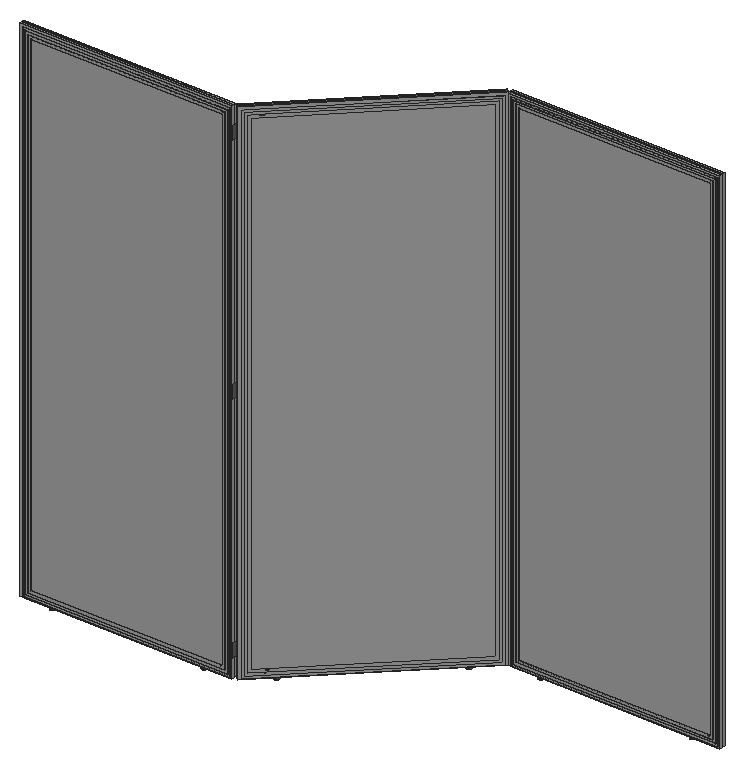
Revit family "Haworth_BuzziFalls_Standing_AP_PRELIMINARY", category Furniture, Revit 2018
Family settings
  OmniClass Number = 23.40.70.14.64.21
  OmniClass Title = Systems Furniture
  Work Plane-Based = No
  Always vertical = Yes
  Cut with Voids When Loaded = No
  Shared = No
  Room Calculation Point = No
Parameters (values of type "Trio Screen")
  Warranty = "http://www.haworth.com/resources/product-info/warranties"
  URL - Product = "https://www.haworth.com/ap/en/products/office-partitions/buzzifalls.html"
  URL = "https://www.haworth.com/ap/en.html"
  Trio Screen = yes
  Size = "Verify Final Dim. w/ Haworth"  # constant formula
  Single = no
  Screen Finish [instance] = Haworth _ Fabric _ Undecided _ Screen
  Revision Number = "1"  # constant formula
  Patterns = " Plain, Alhambra, Birch, Dots, Grid, Leaves, Orient, Palms, Parrots, Pebbles, Rain, Royal, Tropics"  # constant formula
  Model = "BuzziFalls Standing"  # constant formula
  Manufacturer = "Haworth"  # constant formula
  Glide Finish = Haworth _ Paint _ Black BTR-9005
  Description = "Haworth - BuzziSpace - BuzziFalls - Standing - Screen"  # constant formula
  Author = "Haworth (Abd Rahman)"  # constant formula
  Assembly Code = "E2020200"
  Add On Screen = not(or(Single, Trio Screen))  # no
  Actual Width = if(Add On Screen, 839.986 mm, if(Single, 839.986 mm, 2560.042 mm))  # 2560.042 mm
  Actual Height = 2039.838 mm  # constant formula
  Actual Depth = 21.034 mm  # constant formula
Types (3, lengths in mm): name | Trio Screen | Single | Add On Screen | Actual Width
  Single Screen | no | yes | no | 839.986
  Add on Screen | no | no | yes | 839.986
  Trio Screen | yes | no | no | 2560.042
Reference planes
  plane 1: z = 0
  plane 2 "Back": y = 54.967
  plane 3 "Front": y = 33.933
  plane 4 "Top": z = 2039.838
  plane 5 "Right": x = 2100.596
  plane 6 "Left": x = -459.447
  plane 7: x = 820.574
  plane 8: y = 44.45
  plane 9: z = 8
Dimensions and locks
  "Actual Width": plane 6 "Left" to plane 5 "Right"
  "Actual Depth": plane 3 "Front" to plane 2 "Back"
  equal spacing: plane 6 "Left", plane 7, plane 5 "Right"
  equal spacing: plane 2 "Back", plane 8, plane 3 "Front"
  "Actual Height": plane 4 "Top" to plane 1  (x2)
  aligned and locked: nested 1 to plane 9
  aligned and locked: plane 6 "Left" to nested 1
  aligned and locked: plane 2 "Back" to nested 1
  aligned and locked: plane 3 "Front" to nested 1
Nested families
  nested 1: "Haworth_BuzziFalls_Standing_PART" at (781.121, 88.9, 0) x (-1, 0, 0) z (0, 0, 1), Screen Finish <- "Screen Finish", type "PART"
    with Screen Finish Haworth _ Fabric _ Undecided _ Screen, Single no, Add On Screen yes
  nested 2: "Haworth_BuzziFalls_Standing_PART" at (1235.904, 956.182, 0) x (-0.7071, -0.7071, 0) z (0, 0, 1), visible <- "Trio Screen", Screen Finish <- "Screen Finish", type "PART"
    with Screen Finish Haworth _ Fabric _ Undecided _ Screen, Single no, Add On Screen yes
  nested 3: "Haworth_BuzziFalls_Standing_PART" at (2233.458, 689.288, 0) x (-1, 0, 0) z (0, 0, 1), visible <- "Trio Screen", Screen Finish <- "Screen Finish", type "PART - Plain"
    with Screen Finish Haworth _ Fabric _ Undecided _ Screen
Definition of nested family "Haworth_BuzziFalls_Standing_PART"
  Parameters (values of type "PART")
    Warranty = "http://www.haworth.com/resources/product-info/warranties"
    URL - Product = "https://www.haworth.com/products/architectural-interiors/acoustic-solutions/buzzifalls-standing"
    URL = "http://www.haworth.com/our-brands/haworth-collection"
    Size = "Verify Final Dim. w/ Haworth"  # constant formula
    Single = yes
    Screen Finish [instance] = none
    Revision Number = "1"  # constant formula
    Patterns = " Plain, Alhambra, Birch, Dots, Grid, Leaves, Orient, Palms, Parrots, Pebbles, Rain, Royal, Tropics"  # constant formula
    Model = "HCBZ-FSS"  # constant formula
    Manufacturer = "Haworth"  # constant formula
    Glide Finish = none
    Description = "Haworth BuzziFalls Standing - Single Screen - Plain - PART"
    Author = "Haworth (Abd Rahman)"  # constant formula
    Assembly Code = "E2020200"
    Add On Screen = not(Single)  # no
    Actual Width = 839.986 mm  # constant formula
    Actual Height = 2039.838 mm  # constant formula
    Actual Depth = 21.034 mm  # constant formula
  Reference planes
    plane 1: z = 0
    plane 2 "Back": y = 54.967
    plane 3 "Front": y = 33.933
    plane 4 "Top": z = 2039.838
    plane 5 "Right": x = 1240.567
    plane 6 "Left": x = 400.581
    plane 7: x = 820.574
    plane 8: y = 44.45
    plane 9: y = 46.9
    plane 10: y = 42
    plane 11: z = 2030
    plane 12: x = 441.601
    plane 13: x = 1201.601
    plane 14: z = 8
  Forms (mm)
    Extrusion 1, solid, material <- "Screen Finish"
      sketch origin (0, 0, 0) x (1, 0, 0) y (0, 1, 0)
        loop
          line (400.581, 42) -> (400.581, 33.933) -> (1240.567, 33.933) -> (1240.567, 42) -> (400.581, 42)
      from 8 to 2039.838
    Extrusion 2, solid, material <- "Screen Finish"
      sketch origin (0, 88.9, 0) x (1, 0, 0) y (0, 1, 0)
        loop
          line (400.581, -42) -> (1240.567, -42) -> (1240.567, -33.933) -> (400.581, -33.933) -> (400.581, -42)
      from 8 to 2039.838
    Extrusion 3, solid, material <- "Screen Finish"
      sketch origin (0, 0, 0) x (1, 0, 0) y (0, 1, 0)
        loop
          line (1230.202, 42) -> (1230.202, 46.9) -> (416.724, 46.9) -> (416.724, 42) -> (1230.202, 42)
      from 8 to 2030
    Extrusion 4, void
      sketch origin (0, 33.933, 0) x (-1, 0, 0) y (0, 0, -1)
        loop
          line (-438.724, -39.761) -> (-1198.724, -39.761) -> (-1198.724, -1999.761) -> (-438.724, -1999.761) -> (-438.724, -39.761)
        loop
          line (-428.224, -29.261) -> (-1209.224, -29.261) -> (-1209.224, -2010.261) -> (-428.224, -2010.261) -> (-428.224, -29.261)
        loop
          line (-428.724, -29.761) -> (-1208.724, -29.761) -> (-1208.724, -2009.761) -> (-428.724, -2009.761) -> (-428.724, -29.761)
      from -0.326 to 28.08
    Extrusion 5, void
      sketch origin (0, 33.933, 0) x (-1, 0, 0) y (0, 0, -1)
        loop
          line (-416.577, -17.615) -> (-1220.87, -17.615) -> (-1220.87, -2021.907) -> (-416.577, -2021.907) -> (-416.577, -17.615)
        loop
          line (-416.415, -2022.07) -> (-416.415, -17.452) -> (-1221.033, -17.452) -> (-1221.033, -2022.07) -> (-416.415, -2022.07)
        loop
          line (-1228.724, -9.761) -> (-1228.724, -2029.761) -> (-408.724, -2029.761) -> (-408.724, -9.761) -> (-1228.724, -9.761)
        loop
          line (-1228.224, -10.261) -> (-1228.224, -2029.261) -> (-409.224, -2029.261) -> (-409.224, -10.261) -> (-1228.224, -10.261)
      from -5.017 to 42.869
    Extrusion 6, void
      sketch origin (0, 54.967, 0) x (-1, 0, 0) y (0, 0, 1)
        loop
          line (-438.724, 39.761) -> (-438.724, 1999.761) -> (-1198.724, 1999.761) -> (-1198.724, 39.761) -> (-438.724, 39.761)
        loop
          line (-428.224, 29.261) -> (-428.224, 2010.261) -> (-1209.224, 2010.261) -> (-1209.224, 29.261) -> (-428.224, 29.261)
        loop
          line (-428.724, 29.761) -> (-428.724, 2009.761) -> (-1208.724, 2009.761) -> (-1208.724, 29.761) -> (-428.724, 29.761)
      from -0.326 to 28.08
    Extrusion 7, void
      sketch origin (0, 54.967, 0) x (-1, 0, 0) y (0, 0, 1)
        loop
          line (-416.577, 17.615) -> (-416.577, 2021.907) -> (-1220.87, 2021.907) -> (-1220.87, 17.615) -> (-416.577, 17.615)
        loop
          line (-416.415, 2022.07) -> (-1221.033, 2022.07) -> (-1221.033, 17.452) -> (-416.415, 17.452) -> (-416.415, 2022.07)
        loop
          line (-1228.724, 9.761) -> (-408.724, 9.761) -> (-408.724, 2029.761) -> (-1228.724, 2029.761) -> (-1228.724, 9.761)
        loop
          line (-1228.224, 10.261) -> (-409.224, 10.261) -> (-409.224, 2029.261) -> (-1228.224, 2029.261) -> (-1228.224, 10.261)
      from -5.017 to 42.869
    Revolve 8, solid, material <- "Glide Finish"
      sketch origin (0.02, 44.416, 0) x (-1, 0, 0) y (0, 0, 1)
        loop
          line (-518.724, -0.302) -> (-518.724, 24.198) -> (-521.724, 24.198) -> (-521.724, 5.198) -> (-527.974, 5.198)
          arc (-527.974, 5.198) -> (-528.504, 4.979) -> (-528.724, 4.448) r 0.75
          line (-528.724, 4.448) -> (-528.724, 0.448)
          arc (-528.724, 0.448) -> (-528.504, -0.082) -> (-527.974, -0.302) r 0.75
          line (-527.974, -0.302) -> (-518.724, -0.302)
        axis (-518.724, 24.198) -> (-518.724, -0.302)
      angle from 0 to 360
    Revolve 9, solid, material <- "Glide Finish"
      sketch origin (1637.359, 44.416, 0) x (1, 0, 0) y (0, 0, 1)
        loop
          line (-518.724, -0.302) -> (-518.724, 24.198) -> (-521.724, 24.198) -> (-521.724, 5.198) -> (-527.974, 5.198)
          arc (-527.974, 5.198) -> (-528.504, 4.979) -> (-528.724, 4.448) r 0.75
          line (-528.724, 4.448) -> (-528.724, 0.448)
          arc (-528.724, 0.448) -> (-528.504, -0.082) -> (-527.974, -0.302) r 0.75
          line (-527.974, -0.302) -> (-518.724, -0.302)
        axis (-518.724, 24.198) -> (-518.724, -0.302)
      angle from 0 to 360
    Extrusion 10, solid, material <- "Glide Finish", visible <- "Add On Screen"
      sketch origin (0, 0, 0) x (1, 0, 0) y (0, 1, 0)
        loop
          line (398.501, 36.56) -> (385.773, 49.287) -> (384.359, 47.873) -> (397.068, 35.165)
          arc (397.068, 35.165) -> (399.26, 34.729) -> (400.501, 36.587) r 2.011
          line (400.501, 36.587) -> (400.501, 54.56) -> (398.501, 54.56) -> (398.501, 36.56)
      from 84.792 to 135.5
    Extrusion 11, solid, material <- "Glide Finish", visible <- "Add On Screen"
      sketch origin (0.033, 0, 917.9) x (1, 0, 0) y (0, 1, 0)
        loop
          line (398.501, 36.56) -> (385.773, 49.287) -> (384.359, 47.873) -> (397.068, 35.165)
          arc (397.068, 35.165) -> (399.26, 34.729) -> (400.501, 36.587) r 2.011
          line (400.501, 36.587) -> (400.501, 54.56) -> (398.501, 54.56) -> (398.501, 36.56)
      from 84.792 to 135.5
    Extrusion 12, solid, material <- "Glide Finish", visible <- "Add On Screen"
      sketch origin (0.033, 0, 1836.3) x (1, 0, 0) y (0, 1, 0)
        loop
          line (398.501, 36.56) -> (385.773, 49.287) -> (384.359, 47.873) -> (397.068, 35.165)
          arc (397.068, 35.165) -> (399.26, 34.729) -> (400.501, 36.587) r 2.011
          line (400.501, 36.587) -> (400.501, 54.56) -> (398.501, 54.56) -> (398.501, 36.56)
      from 84.792 to 135.5
  Cuts and joins
    Extrusion 4, Extrusion 5, Extrusion 6, Extrusion 7 cuts Extrusion 1
    Extrusion 6, Extrusion 7 cuts Extrusion 2
  Lines and regions (mm)
    Masking region 1
      outline origin (0, 0, 0) x (1, 0, 0) y (0, 1, 0)
        loop
          line (400.581, 54.967) -> (400.581, 33.933) -> (1240.567, 33.933) -> (1240.567, 54.967) -> (400.581, 54.967)
    symbolic lines, visible <- "Add On Screen"
      curve 1: line (398.534, 36.56, 0) -> (385.806, 49.287, 0)
      curve 2: line (385.806, 49.287, 0) -> (384.392, 47.873, 0)
      curve 3: line (384.392, 47.873, 0) -> (397.101, 35.165, 0)
      curve 4: arc (397.101, 35.165, 0) -> (399.293, 34.729, 0) -> (400.534, 36.587, 0) r 2.011
      curve 5: line (398.534, 54.56, 0) -> (398.534, 36.56, 0)
      curve 6: line (400.534, 54.56, 0) -> (398.534, 54.56, 0)
      curve 7: line (400.534, 36.587, 0) -> (400.534, 54.56, 0)
  Dimensions and locks
    "Actual Width": plane 6 "Left" to plane 5 "Right"
    "Actual Depth": plane 3 "Front" to plane 2 "Back"
    equal spacing: plane 6 "Left", plane 7, plane 5 "Right"
    equal spacing: plane 2 "Back", plane 8, plane 3 "Front"
    "Actual Height": plane 4 "Top" to plane 1  (x2)
    locked: plane 4 "Top" to plane 11 at 9.838
    aligned and locked: plane 4 "Top" to Extrusion 1
    aligned and locked: Extrusion 3 to plane 11
    aligned and locked: plane 14 to cut or joined group of Extrusion 1, Extrusion 4, Extrusion 5, Extrusion 6, Extrusion 7
    aligned and locked: plane 14 to cut or joined group of Extrusion 2, Extrusion 6, Extrusion 7
    aligned and locked: plane 14 to Extrusion 3
    aligned and locked: plane 6 "Left" to Masking region 1
    aligned and locked: plane 2 "Back" to Masking region 1
    aligned and locked: plane 3 "Front" to Masking region 1
    aligned and locked: plane 5 "Right" to Masking region 1
  Automatic sketch dimensions
    plane 3 "Front" to Extrusion 1 sketch curve = 0 mm
    Extrusion 1 sketch curve to plane 6 "Left" = 0 mm
    Extrusion 1 sketch curve to plane 5 "Right" = 0 mm
    plane 10 to Extrusion 1 sketch curve = 0 mm
    Extrusion 2 sketch curve to plane 2 "Back" = 0 mm
    Extrusion 2 sketch curve to plane 6 "Left" = 0 mm
    Extrusion 2 sketch curve to plane 5 "Right" = 0 mm
    Extrusion 2 sketch curve to plane 9 = 0 mm
    plane 10 to Extrusion 3 sketch curve = 0 mm
    Extrusion 3 sketch curve to plane 9 = 0 mm
    Extrusion 3 sketch curve to plane 6 "Left" = 16.142 mm
    Extrusion 3 sketch curve to plane 5 "Right" = 10.365 mm
    plane 13 to Extrusion 4 sketch curve = 7.623 mm
    Extrusion 4 sketch curve to Extrusion 4 sketch curve = 0.5 mm  (x4)
    Extrusion 4 sketch curve to plane 13 = 2.877 mm
    Extrusion 4 sketch curve to plane 12 = 2.877 mm
    Extrusion 4 sketch curve to plane 12 = 12.877 mm
    plane 14 to Extrusion 4 sketch curve = 21.261 mm
    Extrusion 4 sketch curve to Extrusion 4 sketch curve = 10 mm  (x2)
    Extrusion 4 sketch curve to plane 11 = 30.239 mm
    plane 14 to Extrusion 5 sketch curve = 1.761 mm
    plane 5 "Right" to Extrusion 5 sketch curve = 11.843 mm
    Extrusion 5 sketch curve to Extrusion 5 sketch curve = 0.5 mm  (x3)
    Extrusion 5 sketch curve to Extrusion 5 sketch curve = 7.191 mm
    Extrusion 5 sketch curve to Extrusion 5 sketch curve = 0.162 mm  (x4)
    plane 6 "Left" to Extrusion 5 sketch curve = 15.996 mm
    Extrusion 5 sketch curve to plane 11 = 0.739 mm
    plane 6 "Left" to Extrusion 5 sketch curve = 8.642 mm
    Extrusion 5 sketch curve to plane 11 = 0.239 mm
    plane 14 to Extrusion 5 sketch curve = 9.452 mm
    Extrusion 5 sketch curve to plane 11 = 8.093 mm
    Extrusion 6 sketch curve to plane 13 = 7.623 mm
    Extrusion 6 sketch curve to Extrusion 6 sketch curve = 0.5 mm  (x4)
    plane 13 to Extrusion 6 sketch curve = 2.877 mm
    plane 12 to Extrusion 6 sketch curve = 2.877 mm
    plane 12 to Extrusion 6 sketch curve = 12.877 mm
    Extrusion 6 sketch curve to plane 14 = 21.261 mm
    Extrusion 6 sketch curve to Extrusion 6 sketch curve = 10 mm  (x2)
    plane 11 to Extrusion 6 sketch curve = 30.239 mm
    Extrusion 7 sketch curve to plane 14 = 1.761 mm
    Extrusion 7 sketch curve to plane 5 "Right" = 11.843 mm
    Extrusion 7 sketch curve to Extrusion 7 sketch curve = 0.5 mm  (x3)
    Extrusion 7 sketch curve to Extrusion 7 sketch curve = 7.191 mm
    Extrusion 7 sketch curve to Extrusion 7 sketch curve = 0.162 mm  (x4)
    Extrusion 7 sketch curve to plane 6 "Left" = 15.996 mm
    plane 11 to Extrusion 7 sketch curve = 0.739 mm
    Extrusion 7 sketch curve to plane 6 "Left" = 8.642 mm
    plane 11 to Extrusion 7 sketch curve = 0.239 mm
    Extrusion 7 sketch curve to plane 14 = 9.452 mm
    plane 11 to Extrusion 7 sketch curve = 8.093 mm
    Revolve 8 sketch curve to plane 14 = 3.552 mm
    plane 12 to Revolve 8 sketch curve = 87.142 mm
    Revolve 8 sketch curve to Revolve 8 sketch curve = 0.75 mm  (x2)
    Revolve 8 sketch curve to Revolve 8 sketch curve = 6.25 mm
    Revolve 8 sketch curve to Revolve 8 sketch curve = 3 mm
    Revolve 8 sketch curve to level = 0.448 mm
    plane 14 to Revolve 8 sketch curve = 16.198 mm
    Revolve 8 sketch curve to Revolve 8 sketch curve = 0 mm  (x3)
    plane 14 to Revolve 9 sketch curve = 3.552 mm
    plane 13 to Revolve 9 sketch curve = 92.967 mm
    Revolve 9 sketch curve to Revolve 9 sketch curve = 0.75 mm  (x2)
    Revolve 9 sketch curve to Revolve 9 sketch curve = 6.25 mm
    Revolve 9 sketch curve to Revolve 9 sketch curve = 3 mm
    level to Revolve 9 sketch curve = 0.448 mm
    Revolve 9 sketch curve to plane 14 = 16.198 mm
    Revolve 9 sketch curve to Revolve 9 sketch curve = 0 mm  (x3)
    plane 9 to Extrusion 10 sketch curve = 0.973 mm
    plane 6 "Left" to Extrusion 10 sketch curve = 16.222 mm
    plane 9 to Extrusion 10 sketch curve = 2.387 mm
    Extrusion 10 sketch curve to Extrusion 10 sketch curve = 1.414 mm
    Extrusion 10 sketch curve to plane 3 "Front" = 1.232 mm
    Extrusion 10 sketch curve to Extrusion 10 sketch curve = 1.422 mm
    Extrusion 10 sketch curve to plane 2 "Back" = 0.408 mm
    plane 6 "Left" to Extrusion 10 sketch curve = 2.08 mm
    plane 6 "Left" to Extrusion 10 sketch curve = 0.08 mm
    plane 9 to Extrusion 11 sketch curve = 0.973 mm
    plane 6 "Left" to Extrusion 11 sketch curve = 16.189 mm
    plane 9 to Extrusion 11 sketch curve = 2.387 mm
    Extrusion 11 sketch curve to Extrusion 11 sketch curve = 1.414 mm
    Extrusion 11 sketch curve to plane 3 "Front" = 1.232 mm
    Extrusion 11 sketch curve to Extrusion 11 sketch curve = 1.422 mm
    Extrusion 11 sketch curve to plane 2 "Back" = 0.408 mm
    plane 6 "Left" to Extrusion 11 sketch curve = 2.047 mm
    plane 6 "Left" to Extrusion 11 sketch curve = 0.047 mm
    plane 9 to Extrusion 12 sketch curve = 0.973 mm
    plane 6 "Left" to Extrusion 12 sketch curve = 16.189 mm
    plane 9 to Extrusion 12 sketch curve = 2.387 mm
    Extrusion 12 sketch curve to Extrusion 12 sketch curve = 1.414 mm
    Extrusion 12 sketch curve to plane 3 "Front" = 1.232 mm
    Extrusion 12 sketch curve to Extrusion 12 sketch curve = 1.422 mm
    Extrusion 12 sketch curve to plane 2 "Back" = 0.408 mm
    plane 6 "Left" to Extrusion 12 sketch curve = 2.047 mm
    plane 6 "Left" to Extrusion 12 sketch curve = 0.047 mm
    plane 3 "Front" to Masking region 1 sketch curve = 0 mm
    Masking region 1 sketch curve to plane 6 "Left" = 0 mm
    Masking region 1 sketch curve to plane 5 "Right" = 0 mm
    Masking region 1 sketch curve to plane 2 "Back" = 0 mm
    plane 6 "Left" to curve 2 = 14.775 mm
    plane 9 to curve 2 = 0.973 mm
    curve 2 to curve 1 = 1.414 mm
    plane 6 "Left" to curve 1 = 2.047 mm
    curve 3 to plane 3 "Front" = 1.232 mm
    curve 4 to curve 1 = 0.011 mm
    curve 1 to curve 4 = 0.027 mm
    curve 5 to plane 2 "Back" = 0.408 mm
    plane 6 "Left" to curve 6 = 0.047 mm
